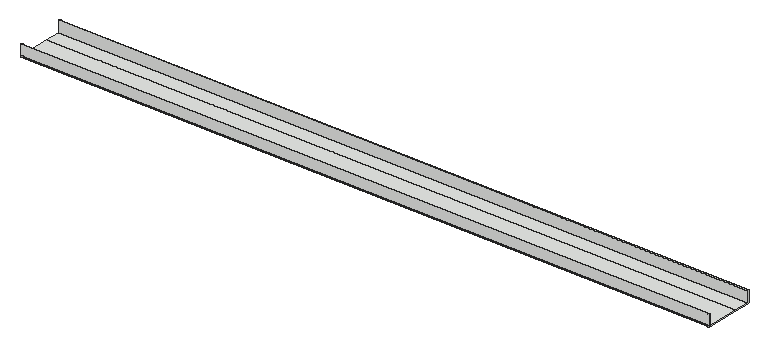
Revit family "profiles PR725 2015", category Generic Models, Revit 2015
Parameters (values of type "ISOLAMIN PR725 flashing")
  Profile Length [instance] = 1180 mm
Reference planes
  plane 1 "Center (Front/Back)": y = 0
  plane 2: z = 0
  plane 3 "Center (Left/Right)": x = 0
  plane 4: x = 1180
Forms (mm)
  Extrusion 1, solid, material "ISOLAMIN Surface Material"
    sketch origin (0, 11.055, -10.571) x (0, 1, 0) y (0, 0, 1)
      loop
        arc (-12.101, 10.545) -> (-11.394, 10.838) -> (-11.101, 11.545) r 1
        line (-11.101, 11.545) -> (-11.101, 30.545) -> (-12.101, 30.545) -> (-12.101, 11.545) -> (-37.361, 11.545) -> (-93.137, 11.545) -> (-93.137, 30.545) -> (-94.137, 30.545) -> (-94.137, 11.545)
        arc (-94.137, 11.545) -> (-93.844, 10.838) -> (-93.137, 10.545) r 1
        line (-93.137, 10.545) -> (-37.361, 10.545) -> (-12.101, 10.545)
    from 0 to 1180
Dimensions and locks
  "Profile Length": plane 3 "Center (Left/Right)" to plane 4
  aligned and locked: level to plane 2
  aligned and locked: plane 4 to Extrusion 1
Automatic sketch dimensions
  Extrusion 1 sketch curve to level = 0.026 mm
  plane 1 "Center (Front/Back)" to Extrusion 1 sketch curve = 26.306 mm
  Extrusion 1 sketch curve to Extrusion 1 sketch curve = 55.776 mm
  plane 1 "Center (Front/Back)" to Extrusion 1 sketch curve = 1.046 mm
  Extrusion 1 sketch curve to Extrusion 1 sketch curve = 1 mm
  Extrusion 1 sketch curve to Extrusion 1 sketch curve = 19 mm  (x2)
  Extrusion 1 sketch curve to Extrusion 1 sketch curve = 0 mm  (x5)
